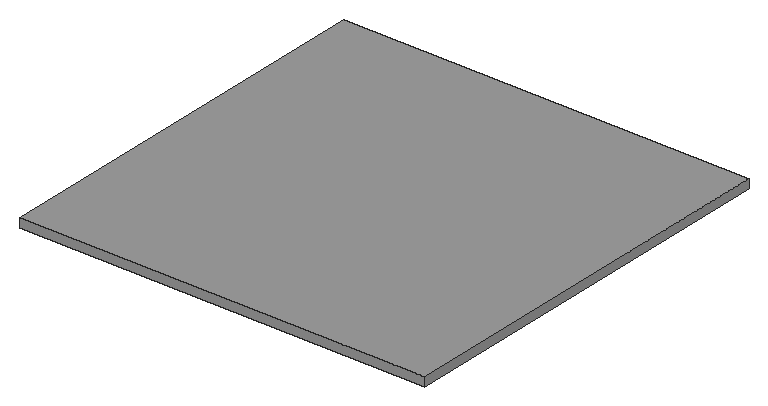
Revit family "WM-MN Skimmend 90mm Family", category Generic Models, host Ceiling, Revit 2017
Family settings
  Host = Ceiling
  Can host rebar = No
  Round Connector Dimension = Use Diameter
  Part Type = Normal
  Always vertical = Yes
  Cut with Voids When Loaded = No
  Shared = No
  Room Calculation Point = No
Parameters (values of type "Lambdaboard")
  Width = 4000 mm
  URL = "www.rigifoam.com"
  Type Comments = "duncan@rigifoam.com"
  Thermal Resistance = 3.7500 (m²·K)/W
  Thermal Conductivity = 0.0240 W/(m·K)
  Model = "WM/MN Skimmend 90mm"
  Material = Polyisocyanurate
  Manufacturer = "Lambdaboard"
  Length = 4000 mm
  Description = "Flexible PIR Insulation"
  Depth = 90 mm
  Density = 40.0000 kg/m³
Reference planes
  plane 1 "Center (Front/Back)": y = 0
  plane 2: z = 0
  plane 3 "Center (Left/Right)": x = 0
  plane 4 "Ceiling": z = 4000
Forms (mm)
  Extrusion 1, solid, material "Polyisocyanurate" <- "Material"
    sketch origin (0, 0, 4000) x (0, 1, 0) y (-1, 0, 0)
      loop
        line (2000, 2000) -> (-2000, 2000) -> (-2000, -2000) -> (2000, -2000) -> (2000, 2000)
    from -90 to 0
Dimensions and locks
  equal spacing: host sketch curve, plane 3 "Center (Left/Right)", host sketch curve
  equal spacing: host sketch curve, plane 1 "Center (Front/Back)", host sketch curve
  host sketch curve to host sketch curve = 4000 mm  (x2)
  plane 4 "Ceiling" to host ceiling = 0 mm
  "Length": Extrusion 1 to Extrusion 1
  "Width": Extrusion 1 to Extrusion 1
  Extrusion 1 to plane 3 "Center (Left/Right)" = 2000 mm
  plane 3 "Center (Left/Right)" to Extrusion 1 = 2000 mm
  "Depth": Extrusion 1 to Extrusion 1
Automatic sketch dimensions
  plane 1 "Center (Front/Back)" to Extrusion 1 sketch curve = 2000 mm
  Extrusion 1 sketch curve to plane 1 "Center (Front/Back)" = 2000 mm
  plane 3 "Center (Left/Right)" to Extrusion 1 sketch curve = 2000 mm
  Extrusion 1 sketch curve to plane 3 "Center (Left/Right)" = 2000 mm
